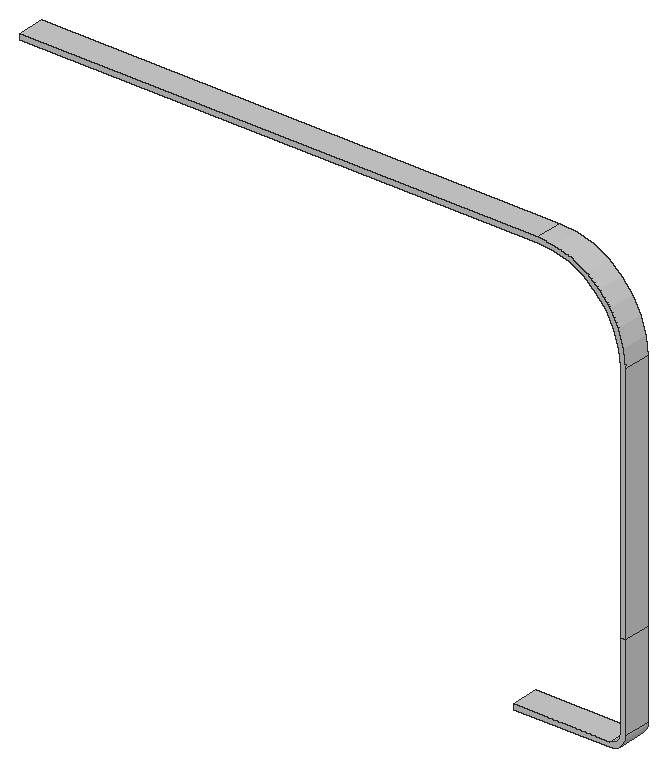
Revit family "Haworth_LIM_Light_CL", category Lighting Fixtures, Revit 2018
Family settings
  Round Connector Dimension = Use Diameter
  Part Type = Normal
  OmniClass Number = 23.80.70.11.14
  OmniClass Title = General Luminaries, Directional
  Work Plane-Based = No
  Always vertical = Yes
  Cut with Voids When Loaded = No
  Light Source = Yes
  Shared = No
  Room Calculation Point = No
Parameters (values of type "LLxx-0022 - Worksurface Mount")
  Worksurface Mount = yes
  Wattage Comments = "3 and 7.5 Watts 120 Volt 60 Hertz"  # constant formula
  Wattage = 7.5 W
  Warranty = "http://www.haworth.com/resources/product-info/warranties"
  built-in parameter 1150110 = 1 (stored number, unit not read)
  URL - Product = "https://www.haworth.com/na/en/products/lighting/lim.html"
  URL = "http://www.haworth.com/our-brands/haworth-collection"
  Type Comments = " "
  built-in parameter 1114217 = 1 (stored number, unit not read)
  built-in parameter 1150109 = 1 (stored number, unit not read)
  built-in parameter 1150134 = 5
  Table Thickness = 1 1/2"  # constant formula
  built-in parameter 1150113 = 1 (stored number, unit not read)
  Stand Mount = not(Add On)  # yes
  Size = "Verify Final Dim. w/ Haworth"  # constant formula
  Revision Number = "6"  # constant formula
  Post to Centerline = 3"  # constant formula
  Model = "LLxx-0022"  # constant formula
  Min/Max Height = if(Freestanding Floor, "48-56 in.", if(Freestanding Pivot, "14-22 in.", "13-21 in."))  # "13-21 in."
  Manufacturer = "Haworth"  # constant formula
  built-in parameter 1150105 = 238.73 (stored number, unit not read)
  Lumens = 750 lm
  built-in parameter 1150115 = 1 (stored number, unit not read)
  Light Source Symbol Size = 17"  # constant formula
  Light Source Height = if(Add On, 3 3/4", Actual Height - 3" / 16)  # 13 13/16"
  built-in parameter 1150137 = (empty or 0)
  built-in parameter 1150139 = (empty or 0)
  built-in parameter 1150112 = 1 (stored number, unit not read)
  built-in parameter 1150114 = 1 (stored number, unit not read)
  Lamp Finish = Haworth _ Metal _ Brushed Aluminum
  Lamp = ""
  built-in parameter 1150132 = (empty or 0)
  built-in parameter 1150102 = (empty or 0)
  built-in parameter 1150107 = 6000 (stored number, unit not read)
  built-in parameter 1150138 = (empty or 0)
  built-in parameter 1150106 = 59.683 (stored number, unit not read)
  Grommet Mount = no
  Freestanding Pivot = not(or(Freestanding Block, Freestanding Floor, Grommet Mount, Worksurface Mount, Add On))  # no
  Freestanding Floor = no
  Freestanding Block = no
  Emit from Line Length = 17"  # constant formula
  built-in parameter 1150104 = 9.2903 (stored number, unit not read)
  Dimming Lamp Color Temperature Shift = <None>
  Description = "Haworth LIM Light"  # constant formula
  Color Filter = 16777215
  Bracket Mount = or(Grommet Mount, Worksurface Mount)  # yes
  Base Offset [instance] = 29"
  Base = or(Freestanding Floor, Freestanding Pivot)  # no
  built-in parameter 1114218 = 1 (stored number, unit not read)
  Author = "SHAPE Environments, LLC"  # constant formula
  built-in parameter 1150133 = 2 (stored number, unit not read)
  Assembly Code = "D5020200"
  Arm Length = 22"  # constant formula
  Add on Offset = if(Freestanding Block, 3 1/2", if(Freestanding Floor, 1", 3/16"))  # 3/16"
  Add On = no
  Actual Width = 26 1/2"  # constant formula
  Actual Height = if(Freestanding Floor, 50", 14")  # 14"
Types (6): name | Worksurface Mount | Stand Mount | Min/Max Height | Light Source Height | Grommet Mount | Freestanding Pivot | Freestanding Floor | Freestanding Block | Bracket Mount | Base Offset | Base | Add on Offset | Add On | Actual Height
  LLxx-0022 - Grommet Mount | no | yes | "13-21 in." | 13 13/16" | yes | no | no | no | yes | 29" | no | 3/16" | no | 14"
  LLxx-0022 - Freestanding Block | no | yes | "13-21 in." | 13 13/16" | no | no | no | yes | no | 29" | no | 3 1/2" | no | 14"
  LLxx-0022 - Freestanding Pivot | no | yes | "14-22 in." | 13 13/16" | no | yes | no | no | no | 29" | yes | 3/16" | no | 14"
  LLxx-0022 - Freestanding Floor | no | yes | "48-56 in." | 49 13/16" | no | no | yes | no | no | 0" | yes | 1" | no | 50"
  LLxx-0022 - Worksurface Mount | yes | yes | "13-21 in." | 13 13/16" | no | no | no | no | yes | 29" | no | 3/16" | no | 14"
  LLxx-0022 - Add On | no | no | "13-21 in." | 3 3/4" | no | no | no | no | no | 0" | no | 3/16" | yes | 14"
Reference planes (in)
  plane 1 "Center F/B": y = 8.82887
  plane 2 "Base": z = 29
  plane 3 "Center L/R": x = 1.15861
  plane 4 "Lamp Height": z = 43
  plane 5: z = 31
  plane 6 "Light Source": z = 42.8125
  plane 7 "Table Bottom": z = 27.5
Forms (in)
  Revolve 1, solid, material "Haworth _ Metal _ Brushed Aluminum" <- "Lamp Finish", visible <- "Grommet Mount"
    sketch origin (0, 8.82887, 0) x (1, 0, 0) y (0, 0, 1)
      loop
        line (1.15861, 29) -> (2.65861, 29) -> (2.65861, 29.0625) -> (1.15861, 29.0625) -> (1.15861, 29)
      axis (1.15861, 29.0625) -> (1.15861, 29)
    angle from 0 to 360
  Sweep 2, solid, material "Haworth _ Metal _ Brushed Aluminum" <- "Lamp Finish", visible <- "Stand Mount"
    path origin (3, 8.82887, 0) x (1, 0, 0) y (0, 0, 1)
      loop
        line (-23.84139, 43) -> (-5.02889, 43)
        arc (-5.02889, 43) -> (-2.77499, 42.0664) -> (-1.84139, 39.8125) r 3.1875
        line (-1.84139, 39.8125) -> (-1.84139, 31)
    profile "LIM_Profile : LIM_Profile" origin (-11.43514, 8.82887, 43) x (0, 0, 1) y (0, -1, 0)
      loop
        line (0, -0.5) -> (0, 0.5) -> (-0.1875, 0.5) -> (-0.1875, -0.5) -> (0, -0.5)
  Extrusion 3, solid, material "Haworth _ Metal _ Brushed Aluminum" <- "Lamp Finish", visible <- "Freestanding Block"
    sketch origin (1.15861, 0, 0) x (0, 1, 0) y (0, 0, 1)
      loop
        line (9.39137, 34.625) -> (8.26637, 34.625) -> (8.26637, 29.125) -> (7.32887, 29.125) -> (7.32887, 29) -> (10.32887, 29) -> (10.32887, 29.125) -> (9.39137, 29.125) -> (9.39137, 34.625)
    from 0 to 3.5
  Sweep 4, solid, material "Haworth _ Metal _ Brushed Aluminum" <- "Lamp Finish", visible <- "Freestanding Pivot"
    path origin (-0.68279, 8.82887, 0) x (-1, 0, 0) y (0, 0, 1)
      loop
        line (-1.84139, 34) -> (-1.84139, 29)
    profile "LIM_Profile : LIM_Profile" origin (1.15861, 8.82887, 31.5) x (1, 0, 0) y (0, -1, 0)
      loop
        line (0, -0.5) -> (0.1875, -0.5) -> (0.1875, 0.5) -> (0, 0.5) -> (0, -0.5)
  Extrusion 5, solid, material "Haworth _ Metal _ Brushed Aluminum" <- "Lamp Finish", visible <- "Freestanding Pivot"
    sketch origin (0, 0, 29) x (1, 0, 0) y (0, 1, 0)
      loop
        line (-3.59139, 12.45387) -> (-3.59139, 7.95387) -> (1.90861, 7.95387) -> (1.90861, 12.45387) -> (-3.59139, 12.45387)
    from 0 to 0.25
  Extrusion 6, solid, material "Haworth _ Metal _ Brushed Aluminum" <- "Lamp Finish", visible <- "Freestanding Floor"
    sketch origin (0, 0, 29) x (1, 0, 0) y (0, 1, 0)
      loop
        line (1.15861, 8.32887) -> (2.15861, 8.32887) -> (2.15861, 9.32887) -> (1.15861, 9.32887) -> (1.15861, 8.32887)
    from 0 to 38
  Extrusion 7, solid, material "Haworth _ Metal _ Brushed Aluminum" <- "Lamp Finish", visible <- "Freestanding Floor"
    sketch origin (0, 0, 29) x (1, 0, 0) y (0, 1, 0)
      loop
        line (-2.84139, 4.32887) -> (6.15861, 4.32887) -> (6.15861, 13.32887) -> (-2.84139, 13.32887) -> (-2.84139, 4.32887)
    from 0 to 0.375
  Sweep 8, solid, material "Haworth _ Metal _ Brushed Aluminum" <- "Lamp Finish", visible <- "Add On"
    path origin (1.00471, 8.82887, 0) x (-1, 0, 0) y (0, 0, 1)
      loop
        line (-22.34139, 43) -> (-3.52889, 43)
        arc (-3.52889, 43) -> (-1.27499, 42.0664) -> (-0.34139, 39.8125) r 3.1875
        line (-0.34139, 39.8125) -> (-0.34139, 31)
    profile "LIM_Profile : LIM_Profile" origin (13.93986, 8.82887, 43) x (0, 0, -1) y (0, -1, 0)
      loop
        line (0, -0.5) -> (0.1875, -0.5) -> (0.1875, 0.5) -> (0, 0.5) -> (0, -0.5)
  Sweep 9, solid, material "Haworth _ Metal _ Brushed Aluminum" <- "Lamp Finish", visible <- "Bracket Mount"
    path origin (3, 8.82887, 4) x (1, 0, 0) y (0, 0, -1)
      loop
        line (-5.90389, -23.3125) -> (-2.40389, -23.3125)
        arc (-2.40389, -23.3125) -> (-2.00614, -23.47725) -> (-1.84139, -23.875) r 0.5625
        line (-1.84139, -23.875) -> (-1.84139, -27)
    profile "LIM_Profile : LIM_Profile" origin (-1.15389, 8.82887, 27.3125) x (0, 0, 1) y (0, -1, 0)
      loop
        line (0, -0.5) -> (0.1875, -0.5) -> (0.1875, 0.5) -> (0, 0.5) -> (0, -0.5)
Cuts and joins
  joined: Sweep 4, Extrusion 5
  joined: Extrusion 6, Extrusion 7
Lines and regions (in)
  Masking region 1, visible <- "Stand Mount"
    outline origin (0, 0, 43) x (0, -1, 0) y (1, 0, 0)
      loop
        line (-9.32887, -20.84139) -> (-8.32887, -20.84139) -> (-8.32887, 1.15861) -> (-9.32887, 1.15861) -> (-9.32887, -20.84139)
  Masking region 2, visible <- "Add On"
    outline origin (0, 0, 43) x (0, -1, 0) y (1, 0, 0)
      loop
        line (-9.32887, 1.15861) -> (-8.32887, 1.15861) -> (-8.32887, 23.34611) -> (-9.32887, 23.34611) -> (-9.32887, 1.15861)
  Masking region 3, visible <- "Freestanding Floor"
    outline origin (0, 0, 0) x (1, 0, 0) y (0, 1, 0)
      loop
        line (-2.84139, 13.32887) -> (-2.84139, 4.32887) -> (6.15861, 4.32887) -> (6.15861, 13.32887) -> (-2.84139, 13.32887)
  Masking region 4, visible <- "Freestanding Pivot"
    outline origin (0, 0, 0) x (1, 0, 0) y (0, 1, 0)
      loop
        line (-3.59139, 12.45387) -> (-3.59139, 7.95387) -> (1.90861, 7.95387) -> (1.90861, 12.45387) -> (-3.59139, 12.45387)
  Masking region 5, visible <- "Grommet Mount"
    outline origin (0, 0, 0) x (1, 0, 0) y (0, 1, 0)
      loop
        circle (1.15861, 8.82887) r 1.5
  Masking region 6, visible <- "Freestanding Block"
    outline origin (0, 0, 0) x (1, 0, 0) y (0, 1, 0)
      loop
        line (4.65861, 10.32887) -> (1.15861, 10.32887) -> (1.15861, 7.32887) -> (4.65861, 7.32887) -> (4.65861, 10.32887)
  symbolic lines, style "Haworth", visible <- "Freestanding Pivot"
    curve 1: line (1.15861, 9.32887, 0) -> (1.15861, 8.32887, 0)
    curve 2: line (1.34611, 9.32887, 0) -> (1.34611, 8.32887, 0)
Dimensions and locks (in)
  "Actual Height": plane 4 "Lamp Height" to plane 2 "Base"
  locked: plane 4 "Lamp Height" to plane 5 at 12
  Extrusion 5 sketch curve to plane 1 "Center F/B" to Extrusion 5 sketch curve = 7/8", 3 5/8"
  Extrusion 5 sketch curve to plane 3 "Center L/R" to Extrusion 5 sketch curve = 4 3/4", 3/4"
  "Light Source Height": plane 6 "Light Source" to plane 2 "Base"
  "Arm Length": plane 3 "Center L/R" to Sweep 2 sketch curve
  "Add on Offset": Sweep 8 sketch curve to plane 3 "Center L/R"
  "Arm Length": Sweep 8 sketch curve to Sweep 8 sketch curve
  "Table Thickness": plane 2 "Base" to plane 7 "Table Bottom"
  Sweep 4 sketch curve to plane 2 "Base" = 5"
  Revolve 1 sketch curve to plane 2 "Base" = 1/16"
  plane 2 "Base" to Extrusion 3 sketch curve = 5 5/8"
  Extrusion 3 sketch curve to Extrusion 3 sketch curve = 5 1/2"  (x2)
  "Base Offset": plane 2 "Base" to level
  locked: plane 7 "Table Bottom" to Sweep 9 sketch curve at 0.1875
  radius of Sweep 2 sketch curve = 3 3/16"
  radius of Sweep 8 sketch curve = 3 3/16"
  radius of Sweep 9 sketch curve = 9/16"
  aligned and locked: Sweep 2 sketch curve to plane 4 "Lamp Height"
  aligned and locked: plane 5 to Sweep 2 sketch curve
  aligned and locked: plane 6 "Light Source" to imposter light
  aligned and locked: plane 2 "Base" to Sweep 4 sketch curve
  aligned and locked: plane 2 "Base" to Revolve 1 sketch curve
  aligned and locked: plane 2 "Base" to Extrusion 3 sketch curve
  aligned and locked: plane 5 to Sweep 9 sketch curve
Automatic sketch dimensions
  Revolve 1 sketch curve to plane 3 "Center L/R" = 0"  (x2)
  plane 3 "Center L/R" to Revolve 1 sketch curve = 1 1/2"
  plane 7 "Table Bottom" to Revolve 1 sketch curve = 0.9535"
  Revolve 1 sketch curve to plane 5 = 0.641"
  Sweep 2 sketch curve to plane 3 "Center L/R" = 0"
  plane 1 "Center F/B" to Extrusion 3 sketch curve = 1 1/2"
  plane 1 "Center F/B" to Extrusion 3 sketch curve = 9/16"
  Extrusion 3 sketch curve to plane 1 "Center F/B" = 9/16"
  Extrusion 3 sketch curve to Extrusion 3 sketch curve = 15/16"
  Sweep 4 sketch curve to plane 3 "Center L/R" = 0"
  Extrusion 6 sketch curve to plane 3 "Center L/R" = 0"
  plane 1 "Center F/B" to Extrusion 6 sketch curve = 1/2"
  plane 3 "Center L/R" to Extrusion 6 sketch curve = 1"
  Extrusion 6 sketch curve to plane 1 "Center F/B" = 1/2"
  Extrusion 7 sketch curve to plane 3 "Center L/R" = 4"
  plane 3 "Center L/R" to Extrusion 7 sketch curve = 5"
  plane 1 "Center F/B" to Extrusion 7 sketch curve = 4 1/2"
  Extrusion 7 sketch curve to plane 1 "Center F/B" = 4 1/2"
  Sweep 8 sketch curve to plane 5 = 0"
  Sweep 8 sketch curve to plane 4 "Lamp Height" = 0"
  Sweep 9 sketch curve to plane 3 "Center L/R" = 0"
  Sweep 9 sketch curve to Sweep 9 sketch curve = 3 1/2"
  Masking region 3 sketch curve to plane 3 "Center L/R" = 4"
  plane 3 "Center L/R" to Masking region 3 sketch curve = 5"
  plane 1 "Center F/B" to Masking region 3 sketch curve = 4 1/2"
  Masking region 3 sketch curve to plane 1 "Center F/B" = 4 1/2"
  plane 1 "Center F/B" to Masking region 4 sketch curve = 7/8"
  Masking region 4 sketch curve to plane 3 "Center L/R" = 4 3/4"
  plane 3 "Center L/R" to Masking region 4 sketch curve = 3/4"
  Masking region 4 sketch curve to plane 1 "Center F/B" = 3 5/8"
  plane 1 "Center F/B" to Masking region 5 sketch curve = 0"
  Masking region 5 sketch curve to plane 3 "Center L/R" = 0"
  curve 1 to plane 3 "Center L/R" = 0"
  plane 3 "Center L/R" to curve 2 = 3/16"
  plane 1 "Center F/B" to curve 2 = 1/2"
  curve 1 to curve 2 = 0"  (x2)
  curve 1 to plane 1 "Center F/B" = 1/2"
  Masking region 1 sketch curve to plane 3 "Center L/R" = 0"
  Masking region 1 sketch curve to plane 1 "Center F/B" = 1/2"
  plane 1 "Center F/B" to Masking region 1 sketch curve = 1/2"
  Masking region 1 sketch curve to Masking region 1 sketch curve = 22"
  Masking region 2 sketch curve to plane 3 "Center L/R" = 0"
  Masking region 2 sketch curve to plane 1 "Center F/B" = 1/2"
  plane 1 "Center F/B" to Masking region 2 sketch curve = 1/2"
  plane 3 "Center L/R" to Masking region 2 sketch curve = 22 3/16"
  Masking region 6 sketch curve to plane 3 "Center L/R" = 0"
  plane 1 "Center F/B" to Masking region 6 sketch curve = 1 1/2"
  Masking region 6 sketch curve to Masking region 6 sketch curve = 3 1/2"
  Masking region 6 sketch curve to plane 1 "Center F/B" = 1 1/2"
  radius of Masking region 5 sketch curve = 1 1/2"
